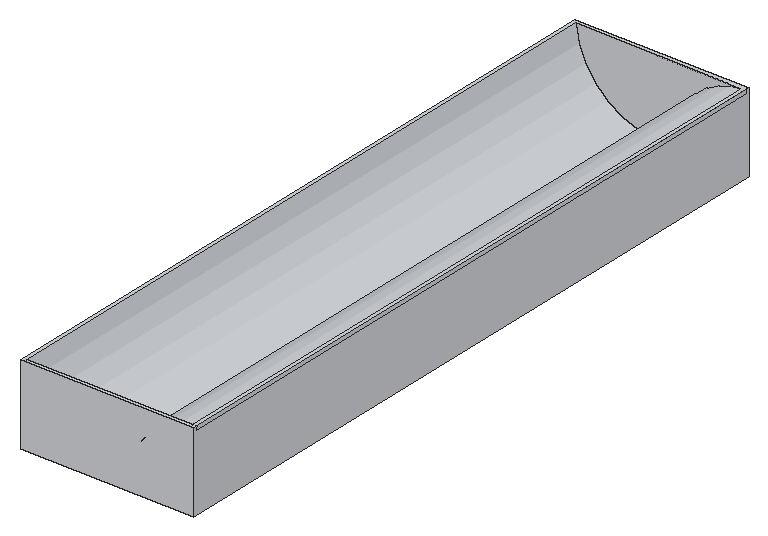
Revit family "0cd54f614919486e9c9955a132dc2a30", category Lighting Fixtures, host Face, Revit 2021
Family settings
  Host = Face
  Round Connector Dimension = Use Diameter
  Part Type = Normal
  OmniClass Number = 23.80.70.11.14.17
  OmniClass Title = Direct/Indirect
  Seek Item ID = Recessed Direct-Indirect Light - Asymmetrical-0000-USA-ENU
  Cut with Voids When Loaded = No
  Light Source = Yes
  Shared = No
  Room Calculation Point = No
Parameters (values of type "48"(2 Lamp) - 277V")
  Wattage = 64 W
  built-in parameter 1150110 = 1 (stored number, unit not read)
  built-in parameter 1114217 = 0.88 (stored number, unit not read)
  built-in parameter 1150109 = 1 (stored number, unit not read)
  built-in parameter 1150134 = 8
  built-in parameter 1150113 = 1 (stored number, unit not read)
  Tilt Angle = -90.00°
  Photometric Web File = "482T8_A.ies"
  Lumens = 5699.84 lm
  built-in parameter 1150115 = 1 (stored number, unit not read)
  built-in parameter 1150105 = 453.58 (stored number, unit not read)
  Load Classification = Lighting - Dwelling Unit
  built-in parameter 1150137 = 1
  built-in parameter 1150139 = (empty or 0)
  Light Box Material = none
  Length 1 = (sqrt((Box Width / 2 - 0' 0 1/4") ^ 2 + (Box Height - 0' 0 1/4") ^ 2) / 2) / sin(atan((Box Height - 0' 0 1/4") / (Box Width / 2 - 0' 0 1/4")))  # 0' - 5.77381"
  built-in parameter 1150112 = 1 (stored number, unit not read)
  built-in parameter 1150114 = 1 (stored number, unit not read)
  Lamp = "T8"
  built-in parameter 1150132 = (empty or 0)
  built-in parameter 1150102 = (empty or 0)
  built-in parameter 1150138 = (empty or 0)
  built-in parameter 1150107 = 4230 (stored number, unit not read)
  built-in parameter 1150106 = 4.5358 (stored number, unit not read)
  Emit from Rectangle Width = Box Length - 0' 0 1/2"  # 3' - 11 1/2"
  Emit from Rectangle Length = Box Width - 0' 0 1/2"  # 0' - 11 1/2"
  Emit Shape Visible in Rendering = no
  built-in parameter 1150104 = 8.2739 (stored number, unit not read)
  Dimming Lamp Color Temperature Shift = <None>
  Diffuser Width = 0.4 * Box Width  # 0' - 4.8"
  Diffuser Material = none
  Default Elevation = 4' - 0"
  Color Filter = 16777215
  built-in parameter 1140040 [instance] = 1
  Box Width = 1' - 0"
  Box Length = 4' - 0"
  Box Height = 0' - 5 1/2"
  Ballast Voltage = 277 V
  Ballast Number of Poles = 1
  built-in parameter 1114218 = 0.88 (stored number, unit not read)
  built-in parameter 1150133 = 10 (stored number, unit not read)
  Apparent Load = 64 VA
Types (13): name | Wattage | built-in parameter 1114217 | Photometric Web File | Lumens | built-in parameter 1150105 | Lamp | built-in parameter 1150106 | Emit from Rectangle Width | built-in parameter 1150104 | Box Length | Ballast Voltage | built-in parameter 1114218 | Apparent Load
  (no name) | 64 W | 0.88 (stored number, unit not read) | "482T8_A.ies" | 5699.84 lm | 453.58 (stored number, unit not read) | "T8" | 4.5358 (stored number, unit not read) | 3' - 11 1/2" | 8.2739 (stored number, unit not read) | 4' - 0" | 277 V | 0.88 (stored number, unit not read) | 64 VA
  22"(1 Lamp) - 120V | 24 W | 1 (stored number, unit not read) | "221T5_A.ies" | 1759.92 lm | 140.05 (stored number, unit not read) | "T5" | 1.4005 (stored number, unit not read) | 1' - 11 1/2" | 6.8126 (stored number, unit not read) | 2' - 0" | 120 V | 1 (stored number, unit not read) | 24 VA
  22"(1 Lamp) - 277V | 24 W | 1 (stored number, unit not read) | "221T5_A.ies" | 1759.92 lm | 140.05 (stored number, unit not read) | "T5" | 1.4005 (stored number, unit not read) | 1' - 11 1/2" | 6.8126 (stored number, unit not read) | 2' - 0" | 277 V | 1 (stored number, unit not read) | 24 VA
  48"(1 Lamp) - 120V | 32 W | 0.88 (stored number, unit not read) | "481T8_A.ies" | 2849.92 lm | 226.79 (stored number, unit not read) | "T8" | 2.2679 (stored number, unit not read) | 3' - 11 1/2" | 8.2739 (stored number, unit not read) | 4' - 0" | 120 V | 0.88 (stored number, unit not read) | 32 VA
  48"(1 Lamp) - 277V | 32 W | 0.88 (stored number, unit not read) | "481T8_A.ies" | 2849.92 lm | 226.79 (stored number, unit not read) | "T8" | 2.2679 (stored number, unit not read) | 3' - 11 1/2" | 8.2739 (stored number, unit not read) | 4' - 0" | 277 V | 0.88 (stored number, unit not read) | 32 VA
  46"(1 Lamp) - 120V | 54 W | 0.88 (stored number, unit not read) | "461T5_A.ies" | 4399.92 lm | 350.13 (stored number, unit not read) | "T5" | 3.5013 (stored number, unit not read) | 3' - 11 1/2" | 7.5697 (stored number, unit not read) | 4' - 0" | 120 V | 0.88 (stored number, unit not read) | 54 VA
  46"(1 Lamp) - 277V | 54 W | 0.88 (stored number, unit not read) | "461T5_A.ies" | 4399.92 lm | 350.13 (stored number, unit not read) | "T5" | 3.5013 (stored number, unit not read) | 3' - 11 1/2" | 7.5697 (stored number, unit not read) | 4' - 0" | 277 V | 0.88 (stored number, unit not read) | 54 VA
  24"(1 Lamp) - 120V | 40 W | 0.97 (stored number, unit not read) | "241T5_A.ies" | 3150 lm | 250.67 (stored number, unit not read) | "T5" | 2.5067 (stored number, unit not read) | 1' - 11 1/2" | 7.3161 (stored number, unit not read) | 2' - 0" | 120 V | 0.97 (stored number, unit not read) | 40 VA
  24"(1 Lamp) - 277V | 40 W | 0.97 (stored number, unit not read) | "241T5_A.ies" | 3150 lm | 250.67 (stored number, unit not read) | "T5" | 2.5067 (stored number, unit not read) | 1' - 11 1/2" | 7.3161 (stored number, unit not read) | 2' - 0" | 277 V | 0.97 (stored number, unit not read) | 40 VA
  24"(2 Lamp) - 120V | 34 W | 0.88 (stored number, unit not read) | "242T8_A.ies" | 2699.94 lm | 214.85 (stored number, unit not read) | "T8" | 2.1485 (stored number, unit not read) | 1' - 11 1/2" | 7.3774 (stored number, unit not read) | 2' - 0" | 120 V | 0.88 (stored number, unit not read) | 34 VA
  24"(2 Lamp) - 277V | 34 W | 0.88 (stored number, unit not read) | "242T8_A.ies" | 2699.94 lm | 214.85 (stored number, unit not read) | "T8" | 2.1485 (stored number, unit not read) | 1' - 11 1/2" | 7.3774 (stored number, unit not read) | 2' - 0" | 277 V | 0.88 (stored number, unit not read) | 34 VA
  48"(2 Lamp) - 120V | 64 W | 0.88 (stored number, unit not read) | "482T8_A.ies" | 5699.84 lm | 453.58 (stored number, unit not read) | "T8" | 4.5358 (stored number, unit not read) | 3' - 11 1/2" | 8.2739 (stored number, unit not read) | 4' - 0" | 120 V | 0.88 (stored number, unit not read) | 64 VA
  48"(2 Lamp) - 277V | 64 W | 0.88 (stored number, unit not read) | "482T8_A.ies" | 5699.84 lm | 453.58 (stored number, unit not read) | "T8" | 4.5358 (stored number, unit not read) | 3' - 11 1/2" | 8.2739 (stored number, unit not read) | 4' - 0" | 277 V | 0.88 (stored number, unit not read) | 64 VA
Reference planes (in)
  plane 1 "Center (Front/Back)": y = 0
  plane 2: z = 0
  plane 3 "Center (Left/Right)": x = 0
  plane 4: y = 24
  plane 5: x = 6
  plane 6: x = -6
  plane 7: y = -24
  plane 8: z = -5.5
  plane 9: x = -5.75
  plane 10: x = 5.75
  plane 11: z = -5.25
  plane 12: z = -3.5
  plane 13: y = 23.75
  plane 14: y = -23.75
  plane 15: x = 1.2
  plane 16: z = -4.8
Forms (in)
  Extrusion 1, solid, material <- "Light Box Material"
    sketch origin (0, 0, 0) x (1, 0, 0) y (0, 1, 0)
      loop
        line (-6, 24) -> (-6, -24) -> (6, -24) -> (6, 24) -> (-6, 24)
    from -5.5 to 0
  Extrusion 2, void
    sketch origin (0, 0, 0) x (1, 0, 0) y (0, 0, 1)
      loop
        arc (-5.75, 0) -> (-1.92612, -4.91926) -> (4.14075, -3.5) r 5.77381
        line (4.14075, -3.5) -> (5.75, -3.5) -> (5.75, 0) -> (-5.75, 0)
    from -23.75 to 23.75
  Extrusion 3, solid, material <- "Diffuser Material"
    sketch origin (0, 0, 0) x (1, 0, 0) y (0, 0, 1)
      loop
        arc (6, 0) -> (2.60589, -1.40589) -> (1.2, -4.8) r 4.8
        line (1.2, -4.8) -> (1.45, -4.8)
        arc (1.45, -4.8) -> (2.78266, -1.58266) -> (6, -0.25) r 4.55
        line (6, -0.25) -> (6, 0)
    from -23.75 to 23.75
Cuts and joins
  Extrusion 2 cuts Extrusion 1
Lines and regions (in)
  symbolic lines
    curve 1: line (-6, 24, 0) -> (6, 24, 0)
    curve 2: line (-6, -24, 0) -> (-6, 24, 0)
    curve 3: line (6, -24, 0) -> (-6, -24, 0)
    curve 4: line (6, 24, 0) -> (6, -24, 0)
  symbolic lines, detail levels coarse+medium
    curve 5: line (-6, 24, 0) -> (6, -24, 0)
Dimensions and locks (in)
  equal spacing: plane 6, plane 3 "Center (Left/Right)", plane 5
  "Box Width": plane 6 to plane 5
  equal spacing: plane 4, plane 1 "Center (Front/Back)", plane 7
  "Box Length": plane 4 to plane 7
  "Box Height": plane 2 to plane 8
  locked: plane 5 to plane 10 at 0.25
  locked: plane 9 to plane 6 at 0.25
  locked: plane 11 to plane 8 at 0.25
  locked: plane 12 to plane 8 at 2
  locked: plane 14 to plane 7 at 0.25
  locked: plane 4 to plane 13 at 0.25
  "Diffuser Width": plane 5 to plane 15
  "Diffuser Width": plane 2 to plane 16
  locked: Extrusion 3 sketch curve to Extrusion 3 sketch curve at 0.25
  "Length 1": radius of Extrusion 2 sketch curve
  aligned and locked: plane 2 to host face
  aligned and locked: level to host face
  aligned and locked: plane 6 to Extrusion 1 sketch curve
  aligned and locked: Extrusion 1 sketch curve to plane 4
  aligned and locked: plane 7 to Extrusion 1 sketch curve
  aligned and locked: Extrusion 1 sketch curve to plane 5
  aligned and locked: Extrusion 1 to plane 8
  aligned and locked: plane 2 to Extrusion 1
  aligned and locked: plane 3 "Center (Left/Right)" to Extrusion 2 sketch curve
  aligned and locked: plane 12 to Extrusion 2 sketch curve  (x2)
  aligned and locked: plane 2 to Extrusion 2 sketch curve
  aligned and locked: Extrusion 2 sketch curve to plane 10
  aligned and locked: plane 9 to Extrusion 2 sketch curve
  aligned and locked: Extrusion 2 sketch curve to plane 2
  aligned and locked: Extrusion 2 to plane 14
  aligned and locked: plane 13 to Extrusion 2
  aligned and locked: plane 16 to Extrusion 3 sketch curve
  aligned and locked: plane 5 to Extrusion 3 sketch curve
  aligned and locked: Extrusion 3 sketch curve to plane 16
  aligned and locked: Extrusion 3 sketch curve to plane 5
  aligned and locked: Extrusion 3 to plane 14
  aligned and locked: plane 13 to Extrusion 3
  aligned and locked: plane 6 to curve 2
  aligned and locked: plane 7 to curve 3
  aligned and locked: curve 4 to plane 5
  aligned and locked: plane 4 to curve 5
  aligned and locked: plane 6 to curve 5
  aligned and locked: plane 5 to curve 5
  aligned and locked: plane 3 "Center (Left/Right)" to imposter light
  aligned and locked: plane 1 "Center (Front/Back)" to imposter light
  aligned and locked: plane 2 to imposter light
Automatic sketch dimensions
  host sketch curve to host sketch curve = 8' - 0"  (x2)
  Extrusion 3 sketch curve to plane 15 = 0' - 0"
Connectors (in)
  electrical at (0, -24, -2.75), driven by "Apparent Load", driven by "Ballast Voltage", driven by "Ballast Number of Poles", driven by "Load Classification"
    settings: on cut or joined group of Extrusion 1, Extrusion 2, index 1, voltage 277 V, apparent load 0 VA, apparent load phase1 64 VA, apparent load phase2 0 VA, apparent load phase3 0 VA, power factor 0.95, load classification "Lighting - Dwelling Unit", number of poles 1, system type 31, power factor state 1, is connector primary yes, connector utility no, sub classification motor no, connector description ""
